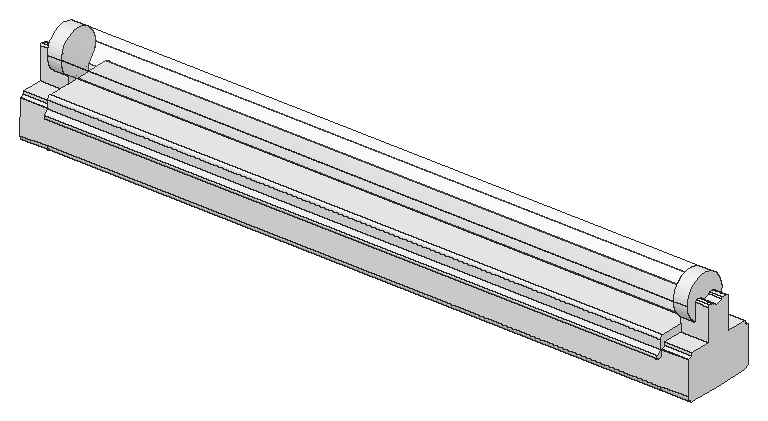
Revit family "CH2", category Lighting Fixtures, host Face, Revit 2012
Parameters (values of type "CH2-120")
  Wattage Comments = "26W"
  Wattage = 26 W
  built-in parameter 1150110 = 1 (stored number, unit not read)
  URL = "http://www.columbialighting.com/"
  built-in parameter 1114217 = 1 (stored number, unit not read)
  Tilt Angle = -90.00°
  built-in parameter 1150109 = 1 (stored number, unit not read)
  built-in parameter 1150134 = 3
  built-in parameter 1150113 = 1 (stored number, unit not read)
  Product Page URL = "http://www.columbialighting.com/products/ch"
  Product Documentation Link = "http://www.columbialighting.com/content/products/specs/specs_files/ch.pdf"
  Photometric Web File = "11349.IES"
  Model = "CH2"  # constant formula
  Manufacturer Phone = "864.678.1000"  # constant formula
  Manufacturer Fax = "866.898.1065"  # constant formula
  Manufacturer = "Columbia Lighting"  # constant formula
  built-in parameter 1150105 = 591.77 (stored number, unit not read)
  Lumens = 3862.09 lm
  built-in parameter 1150115 = 1 (stored number, unit not read)
  built-in parameter 1150137 = (empty or 0)
  built-in parameter 1150139 = (empty or 0)
  built-in parameter 1150112 = 1 (stored number, unit not read)
  built-in parameter 1150114 = 1 (stored number, unit not read)
  Lamp = "1"
  built-in parameter 1150132 = (empty or 0)
  built-in parameter 1150102 = (empty or 0)
  built-in parameter 1150107 = 3200 (stored number, unit not read)
  built-in parameter 1150138 = (empty or 0)
  built-in parameter 1150106 = 5.9177 (stored number, unit not read)
  Glass = Glass
  Emit from Line Length = 15.000"
  built-in parameter 1150104 = 13.8 (stored number, unit not read)
  Dimming Lamp Color Temperature Shift = <None>
  Description = "2', 3', 4', or 8' Heavy Duty Narrow Channel / 1or 2-Lamp T5, T8"  # constant formula
  Default Elevation = 48.000"
  Color Filter = 16777215
  built-in parameter 1114218 = 1 (stored number, unit not read)
  Ballast Factor = ".75"
  Backbox = White
  built-in parameter 1150133 = 10 (stored number, unit not read)
Reference planes (in)
  plane 1 "Center (Front/Back)": y = 0.03999
  plane 2: z = 0
  plane 3 "Center (Left/Right)": x = -12.42646
  plane 4: y = 1.53999
  plane 5: y = -1.46001
  plane 6: x = -24.42646
  plane 7: x = -0.42646
  plane 8: x = -23.92646
  plane 9: x = -0.92646
  plane 10: z = 3.4375
  plane 11: z = 1.5625
  plane 12: x = -1.42646
  plane 13: x = -23.42646
  plane 14: z = 1.8125
Forms (in)
  Extrusion 1, solid, material "White" <- "Backbox"
    sketch origin (-12.42646, 0, 0) x (0, 1, 0) y (0, 0, 1)
      loop
        line (0.03999, 1.5625) -> (-1.1639, 1.5625) -> (-1.1639, 1.4809)
        arc (-1.1639, 1.4809) -> (-1.18847, 1.42158) -> (-1.2478, 1.397) r 0.08389
        line (-1.2478, 1.397) -> (-1.30283, 1.397) -> (-1.30283, 0.20563)
        arc (-1.30283, 0.20563) -> (-1.24261, 0.06023) -> (-1.09721, 0) r 0.20563
        line (-1.09721, 0) -> (0.03999, 0) -> (1.17719, 0)
        arc (1.17719, 0) -> (1.32259, 0.06023) -> (1.38282, 0.20563) r 0.20563
        line (1.38282, 0.20563) -> (1.38282, 1.397) -> (1.32778, 1.397)
        arc (1.32778, 1.397) -> (1.26846, 1.42158) -> (1.24388, 1.4809) r 0.08389
        line (1.24388, 1.4809) -> (1.24388, 1.5625) -> (0.03999, 1.5625)
    from -12 to -11
  Extrusion 2, solid, material "White" <- "Backbox"
    sketch origin (-12.42646, 0, 0) x (0, 1, 0) y (0, 0, 1)
      loop
        line (1.38282, 0.20563) -> (1.38282, 1.147) -> (1.48609, 1.147)
        arc (1.48609, 1.147) -> (1.53766, 1.18078) -> (1.52729, 1.24156) r 0.05626
        arc (1.52729, 1.24156) -> (1.45578, 1.31995) -> (1.38282, 1.397) r 5.7198
        line (1.38282, 1.397) -> (1.38282, 1.71027)
        arc (1.38282, 1.71027) -> (1.35288, 1.78256) -> (1.28059, 1.8125) r 0.10223
        line (1.28059, 1.8125) -> (0.03999, 1.8125) -> (-1.20061, 1.8125)
        arc (-1.20061, 1.8125) -> (-1.27289, 1.78256) -> (-1.30283, 1.71027) r 0.10223
        line (-1.30283, 1.71027) -> (-1.30283, 1.397)
        arc (-1.30283, 1.397) -> (-1.37579, 1.31995) -> (-1.44731, 1.24156) r 5.7198
        arc (-1.44731, 1.24156) -> (-1.45768, 1.18078) -> (-1.40611, 1.147) r 0.05626
        line (-1.40611, 1.147) -> (-1.30283, 1.147) -> (-1.30283, 0.20563)
        arc (-1.30283, 0.20563) -> (-1.24261, 0.06023) -> (-1.09721, 0) r 0.20563
        line (-1.09721, 0) -> (0.03999, 0) -> (1.17719, 0)
        arc (1.17719, 0) -> (1.32259, 0.06023) -> (1.38282, 0.20563) r 0.20563
    from -11 to 11
  Extrusion 3, solid, material "White" <- "Backbox"
    sketch origin (-12.42646, 0, 0) x (0, 1, 0) y (0, 0, 1)
      loop
        line (1.24388, 1.4809) -> (1.24388, 1.5625) -> (0.03999, 1.5625) -> (-1.1639, 1.5625) -> (-1.1639, 1.4809)
        arc (-1.1639, 1.4809) -> (-1.18847, 1.42158) -> (-1.2478, 1.397) r 0.08389
        line (-1.2478, 1.397) -> (-1.30283, 1.397) -> (-1.30283, 0.20563)
        arc (-1.30283, 0.20563) -> (-1.24261, 0.06023) -> (-1.09721, 0) r 0.20563
        line (-1.09721, 0) -> (0.03999, 0) -> (1.17719, 0)
        arc (1.17719, 0) -> (1.32259, 0.06023) -> (1.38282, 0.20563) r 0.20563
        line (1.38282, 0.20563) -> (1.38282, 1.397) -> (1.32778, 1.397)
        arc (1.32778, 1.397) -> (1.26846, 1.42158) -> (1.24388, 1.4809) r 0.08389
    from 11 to 12
  Extrusion 4, solid, material "White" <- "Backbox"
    sketch origin (-12.42646, 0, 0) x (0, 1, 0) y (0, 0, 1)
      loop
        circle (0.03999, 2.67788) r 0.75962
    from 11 to 11.5
  Extrusion 5, solid, material "White" <- "Backbox"
    sketch origin (-12.42646, 0, 0) x (0, 1, 0) y (0, 0, 1)
      loop
        line (-0.20913, 2.7447) -> (-0.33744, 2.7447)
        arc (-0.33744, 2.7447) -> (-0.37267, 2.73011) -> (-0.38726, 2.69488) r 0.04982
        line (-0.38726, 2.69488) -> (-0.38726, 1.5625) -> (0.46724, 1.5625) -> (0.46724, 2.6918)
        arc (0.46724, 2.6918) -> (0.45174, 2.72921) -> (0.41433, 2.7447) r 0.05291
        line (0.41433, 2.7447) -> (0.2463, 2.7447)
        arc (0.2463, 2.7447) -> (0.22298, 2.73902) -> (0.20488, 2.72324) r 0.0507
        arc (0.20488, 2.72324) -> (0.02033, 2.62769) -> (-0.16483, 2.72204) r 0.22742
        arc (-0.16483, 2.72204) -> (-0.18425, 2.73871) -> (-0.20913, 2.7447) r 0.05462
    from -12 to -11
  Extrusion 6, solid, material "White" <- "Backbox"
    sketch origin (-12.42646, 0, 0) x (0, 1, 0) y (0, 0, 1)
      loop
        line (0.41433, 2.7447) -> (0.2463, 2.7447)
        arc (0.2463, 2.7447) -> (0.22298, 2.73902) -> (0.20488, 2.72324) r 0.0507
        arc (0.20488, 2.72324) -> (0.02033, 2.62769) -> (-0.16483, 2.72204) r 0.22742
        arc (-0.16483, 2.72204) -> (-0.18425, 2.73871) -> (-0.20913, 2.7447) r 0.05462
        line (-0.20913, 2.7447) -> (-0.33744, 2.7447)
        arc (-0.33744, 2.7447) -> (-0.37267, 2.73011) -> (-0.38726, 2.69488) r 0.04982
        line (-0.38726, 2.69488) -> (-0.38726, 1.5625) -> (0.46724, 1.5625) -> (0.46724, 2.6918)
        arc (0.46724, 2.6918) -> (0.45174, 2.72921) -> (0.41433, 2.7447) r 0.05291
    from 11 to 12
  Extrusion 7, solid, material "Glass" <- "Glass"
    sketch origin (-12.42646, 0, 0) x (0, 1, 0) y (0, 0, 1)
      loop
        circle (0.03999, 2.67788) r 0.75
    from -11 to 11
  Extrusion 8, solid, material "White" <- "Backbox"
    sketch origin (-12.42646, 0, 0) x (0, 1, 0) y (0, 0, 1)
      loop
        circle (0.03999, 2.67788) r 0.75
    from -11 to -11.5
Cuts and joins
  joined: Extrusion 1, Extrusion 2, Extrusion 3, Extrusion 4, Extrusion 5, Extrusion 6, Extrusion 8
Lines and regions (in)
  model lines
    curve 1: circle (-0.42646, 0.04069, 0.78321) r 0.5 normal (1, 0, 0)
    curve 2: circle (-0.42646, 0.03253, 0.77505) r 0.28793 normal (1, 0, 0)
    curve 3: circle (-0.42646, 0.97735, 1.13799) r 0.09942 normal (1, 0, 0)
    curve 4: circle (-0.42646, -0.89737, 1.13799) r 0.09942 normal (-1, 0, 0)
    curve 5: circle (-24.42646, 0.04069, 0.78321) r 0.5 normal (1, 0, 0)
    curve 6: circle (-24.42646, 0.03253, 0.77505) r 0.28793 normal (1, 0, 0)
    curve 7: circle (-24.42646, 0.97735, 1.13799) r 0.09942 normal (1, 0, 0)
    curve 8: circle (-24.42646, -0.89737, 1.13799) r 0.09942 normal (-1, 0, 0)
Dimensions and locks (in)
  equal spacing: plane 4, plane 1 "Center (Front/Back)", plane 5
  locked: plane 4 to plane 5 at 3
  equal spacing: plane 7, plane 3 "Center (Left/Right)", plane 6
  locked: plane 7 to plane 6 at 24
  locked: plane 8 to plane 6 at 0.5
  locked: plane 9 to plane 7 at 0.5
  locked: plane 10 to level at 3.4375
  locked: plane 11 to host face at 1.5625
  locked: plane 12 to plane 7 at 1
  locked: plane 13 to plane 6 at 1
  locked: plane 14 to host face at 1.8125
  equal spacing: Extrusion 5 sketch curve, plane 1 "Center (Front/Back)", Extrusion 5 sketch curve
  aligned and locked: plane 2 to host face
  aligned and locked: level to host face
  aligned and locked: plane 3 "Center (Left/Right)" to imposter light
  aligned and locked: Extrusion 2 sketch curve to Extrusion 1  (x2)
  aligned and locked: Extrusion 3 sketch curve to Extrusion 1  (x10)
  aligned and locked: Extrusion 2 to plane 13
  aligned and locked: Extrusion 2 to plane 12
  aligned and locked: Extrusion 3 to plane 7
  aligned and locked: plane 12 to Extrusion 3
  aligned and locked: Extrusion 1 to plane 6
  aligned and locked: plane 13 to Extrusion 1
  aligned and locked: Extrusion 4 to plane 9
  aligned and locked: plane 12 to Extrusion 4
  aligned and locked: Extrusion 5 sketch curve to Extrusion 5 sketch curve
  aligned and locked: plane 11 to Extrusion 5 sketch curve
  aligned and locked: Extrusion 6 sketch curve to Extrusion 5  (x7)
  aligned and locked: Extrusion 6 to plane 7
  aligned and locked: plane 12 to Extrusion 6
  aligned and locked: Extrusion 5 to plane 6
  aligned and locked: plane 13 to Extrusion 5
  aligned and locked: Extrusion 8 sketch curve to Extrusion 7  (x2)
  aligned and locked: Extrusion 8 to plane 13
  aligned and locked: Extrusion 8 to plane 8
  aligned and locked: Extrusion 7 to plane 13
  aligned and locked: Extrusion 7 to plane 12
  aligned and locked: imposter light to plane 1 "Center (Front/Back)"
  aligned and locked: imposter light to cut or joined group of Extrusion 1, Extrusion 2, Extrusion 3, Extrusion 4, Extrusion 5, Extrusion 6, Extrusion 8
Automatic sketch dimensions
  host sketch curve to host sketch curve = 96.000"  (x2)
  Extrusion 1 sketch curve to plane 11 = 0.000"
  Extrusion 1 sketch curve to level = 0.000"
  Extrusion 1 sketch curve to plane 1 "Center (Front/Back)" = 0.000"  (x2)
  plane 5 to Extrusion 1 sketch curve = 0.3628"
  Extrusion 1 sketch curve to plane 11 = 0.0816"
  plane 5 to Extrusion 1 sketch curve = 0.29611"
  Extrusion 1 sketch curve to Extrusion 1 sketch curve = 0.08389"  (x2)
  plane 5 to Extrusion 1 sketch curve = 0.15717"
  plane 4 to Extrusion 1 sketch curve = 0.3628"
  plane 4 to Extrusion 1 sketch curve = 0.29611"
  Extrusion 1 sketch curve to Extrusion 1 sketch curve = 0.05504"
  Extrusion 1 sketch curve to plane 11 = 0.1655"
  Extrusion 4 sketch curve to plane 1 "Center (Front/Back)" = 0.000"
  Extrusion 4 sketch curve to plane 10 = 0.75962"
  plane 1 "Center (Front/Back)" to Extrusion 5 sketch curve = 0.42725"
  Extrusion 5 sketch curve to Extrusion 5 sketch curve = 0.04982"
  Extrusion 5 sketch curve to Extrusion 5 sketch curve = 0.12831"
  Extrusion 5 sketch curve to Extrusion 5 sketch curve = 0.04429"
  Extrusion 5 sketch curve to Extrusion 5 sketch curve = 0.000"  (x2)
  plane 1 "Center (Front/Back)" to Extrusion 5 sketch curve = 0.0204"
  Extrusion 5 sketch curve to plane 1 "Center (Front/Back)" = 0.16489"
  Extrusion 5 sketch curve to Extrusion 5 sketch curve = 0.04142"
  Extrusion 5 sketch curve to Extrusion 5 sketch curve = 0.05291"
  Extrusion 5 sketch curve to plane 10 = 0.7457"
  Extrusion 7 sketch curve to Extrusion 7 sketch curve = 0.000"  (x2)
  Extrusion 7 sketch curve to plane 1 "Center (Front/Back)" = 0.000"
  plane 5 to Extrusion 7 sketch curve = 0.750"
  Extrusion 7 sketch curve to plane 10 = 0.75962"
  Extrusion 2 sketch curve to plane 14 = 0.000"
  Extrusion 2 sketch curve to plane 1 "Center (Front/Back)" = 0.000"  (x2)
  level to Extrusion 2 sketch curve = 0.20563"
  plane 5 to Extrusion 2 sketch curve = 0.3628"
  plane 5 to Extrusion 2 sketch curve = 0.2594"
  Extrusion 2 sketch curve to plane 14 = 0.10223"
  plane 5 to Extrusion 2 sketch curve = 0.0539"
  plane 5 to Extrusion 2 sketch curve = 0.0127"
  Extrusion 2 sketch curve to plane 5 = 1.27383"
  plane 4 to Extrusion 2 sketch curve = 0.2594"
  plane 4 to Extrusion 2 sketch curve = 0.15717"
  plane 4 to Extrusion 2 sketch curve = 0.0539"
  plane 4 to Extrusion 2 sketch curve = 0.0127"
  Extrusion 2 sketch curve to plane 4 = 1.27383"
  Extrusion 2 sketch curve to level = 2.57406"  (x2)
  Extrusion 2 sketch curve to plane 11 = 0.4155"  (x2)
  Extrusion 2 sketch curve to Extrusion 2 sketch curve = 0.05626"  (x2)
  Extrusion 3 sketch curve to plane 1 "Center (Front/Back)" = 0.000"  (x2)
  curve 4 to Extrusion 3 = 0.26653"
  curve 4 to curve 2 = 0.9299"
  curve 2 to curve 1 = 0.00816"  (x2)
  curve 3 to Extrusion 3 = 0.26653"
  curve 2 to Extrusion 3 = 0.62195"
  curve 4 to Extrusion 3 = 0.25901"
  curve 3 to Extrusion 3 = 0.25901"
  plane 5 to curve 8 = 0.56264"
  plane 1 "Center (Front/Back)" to curve 6 = 0.00746"
  curve 5 to plane 1 "Center (Front/Back)" = 0.0007"
  plane 4 to curve 7 = 0.56264"
  curve 8 to plane 11 = 0.42451"
  curve 7 to plane 11 = 0.42451"
  curve 5 to plane 11 = 0.77929"
  curve 5 to curve 6 = 0.00816"
  radius of Extrusion 4 sketch curve = 0.75962"
  radius of curve 1 = 0.500"
  radius of curve 2 = 0.28793"
  radius of curve 3 = 0.09942"
  radius of curve 4 = 0.09942"
  radius of curve 5 = 0.500"
  radius of curve 6 = 0.28793"
  radius of curve 7 = 0.09942"
  radius of curve 8 = 0.09942"
Connectors (in)
  electrical at (-7.08271, 0, 0), driven by "Description"
    settings: on host face, index 1, voltage 0 V, apparent load 0 VA, apparent load phase1 0 VA, apparent load phase2 0 VA, apparent load phase3 0 VA, power factor 1, load classification "Other", number of poles 1, system type 30, power factor state 1, is connector primary yes, connector utility no, sub classification motor no, connector description "2', 3', 4', or 8' Heavy Duty Narrow Channel / 1or 2-Lamp T5, T8"
